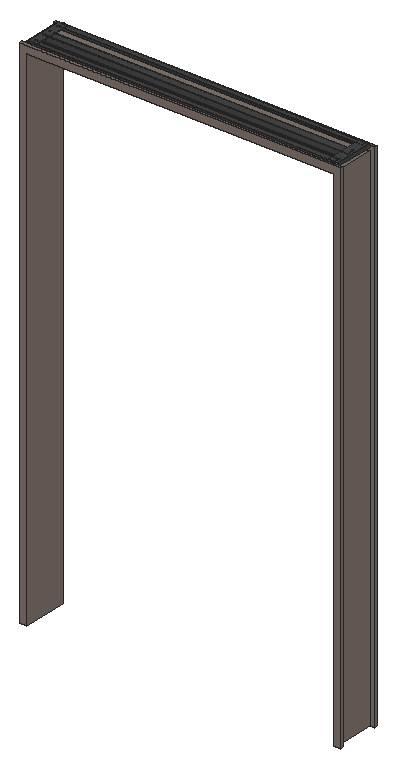
Revit family "Panel-Module-Teknion-LIGNA-Passthrough_Module-R2023", category Doors, Revit 2023
Family settings
  OmniClass Number = 23.30.10.00
  OmniClass Title = Doors
  Always vertical = Yes
  Cut with Voids When Loaded = No
  Shared = No
  Room Calculation Point = No
Parameters (values of type "Passthrough")
  Wood Frame Finish [instance] = Veneer - Teknion - ZP - Flintwood - Deep Walnut Flint
  Warranty = "http://www.teknion.com/legal/warranty.pdf"
  URL = "http://www.teknion.com/"
  Right Trim Height [instance] = if([(A) Height -1"], Height - 1.00", if([(C) Height +1"], Height + 1.00", Height))  # 136.00"
  Right Trim [instance] = no
  Right Side Module Height [instance] = if(Height = 96.00", "(A) Height -1\" is not available for the selected height", if(Height = 120.00", "(C) Height +1\" is not available for the selected height", "Select one of the Module Height options"))  # "Select one of the Module Height options"
  Right Metal Frame [instance] = no
  Product Line = "LIGNA - Passthrough"  # constant formula
  Model = "LNPTT + LNPHK + LNET + LNDVP"  # constant formula
  Metal Frame Finish [instance] = Paint - Teknion - Matte - Black
  Manufacturer Phone = "416-661-3370"  # constant formula
  Manufacturer Fax = "416.661.4586"  # constant formula
  Manufacturer Address = "1150 Flint Road, Toronto, ON. M3J 2J5. Canada"  # constant formula
  Manufacturer = "Teknion"  # constant formula
  Left Wood Trim [instance] = no
  Left Metal Frame [instance] = no
  Height [instance] = 136.00"
  Function = Interior
  Description = "LIGNA - Passthrough"  # constant formula
  Available Width [instance] = "Available From 36\"-84\" In 1/8\" Increments"  # constant formula
  Available Height [instance] = "Available From 96\"-120\" In 1\" Increments"  # constant formula
  (C) Height +1" [instance] = no
  (B) Height 0 [instance] = not(or([(A) Height -1"], [(C) Height +1"]))  # yes
  (A) Height -1" [instance] = no
Reference planes (in)
  plane 1 "Center (Front/Back)": y = 0
  plane 2: z = 0
  plane 3 "Center (Left/Right)": x = 0
  plane 4: x = -42
  plane 5: x = 42
  plane 6 "Top": z = 136
  plane 7: z = 0
Text (in)
  text "Exterior" at (-57.0632, 31.38743, 0), in view "Ref. Level"
Dimensions and locks (in)
  equal spacing: plane 4, plane 3 "Center (Left/Right)", plane 5
  locked: plane 5 to nested 2 at 1.04724
  locked: nested 3 to plane 4 at 1.02078
  locked: nested 4 to plane 6 "Top" at 0.5
  locked: nested 1 to plane 6 "Top" at 0.5
  locked: nested 5 to plane 4 at 0.01123
  locked: plane 5 to nested 5 at 0.00741
  "Height": plane 6 "Top" to plane 2
  locked: nested 6 to plane 5 at 1.257
  locked: plane 4 to nested 6 at 1.257
  locked: nested 6 to plane 6 "Top" at 0.5
  "Right Trim Height": plane 6 "Top" to plane 7
  aligned and locked: level to plane 2
  aligned and locked: plane 1 "Center (Front/Back)" to nested 1
  aligned and locked: nested 4 to plane 1 "Center (Front/Back)"
  aligned and locked: nested 3 to plane 1 "Center (Front/Back)"
  aligned and locked: plane 1 "Center (Front/Back)" to nested 2
  aligned and locked: nested 3 to plane 2
  aligned and locked: nested 4 to plane 2
  aligned and locked: nested 4 to plane 4
  aligned and locked: nested 1 to plane 5
  aligned and locked: plane 6 "Top" to nested 3
  aligned and locked: nested 2 to plane 6 "Top"
  aligned and locked: plane 7 to nested 2
  aligned and locked: plane 7 to nested 1
  aligned and locked: plane 1 "Center (Front/Back)" to nested 6
  aligned and locked: nested 5 to plane 6 "Top"
  aligned and locked: plane 2 to nested 5
  aligned and locked: plane 7 to nested 5
  aligned and locked: plane 1 "Center (Front/Back)" to nested 5
Nested families (in)
  nested 1: "Frame-Teknion-LNDVP-Double-Vertical-Post-R2023" at (37.82738, -4.85519, 0), Frame Finish <- "Metal Frame Finish", visible <- "Right Metal Frame", type "Double Vertical Post"
    with Height 136.50", Frame Finish Paint - Teknion - Matte - Black
  nested 2: "Frame-Teknion-LNET-End-Trims-R2023" at (-9.43142, -5.60181, 0), Frame Finish <- "Wood Frame Finish", visible <- "Right Trim", type "End Trims"
    with Width 1.81102", Height 136.00", Frame Finish Veneer - Teknion - ZP - Flintwood - Deep Walnut Flint
  nested 3: "Frame-Teknion-LNET-End-Trims-R2023" at (9.45789, -5.60181, 0) x (-1, 0, 0) z (0, 0, 1), Frame Finish <- "Wood Frame Finish", visible <- "Left Wood Trim", type "End Trims"
    with Width 1.81102", Height 136.00", Frame Finish Veneer - Teknion - ZP - Flintwood - Deep Walnut Flint
  nested 4: "Frame-Teknion-LNDVP-Double-Vertical-Post-R2023" at (-37.82738, -4.85519, 0) x (-1, 0, 0) z (0, 0, 1), Frame Finish <- "Metal Frame Finish", visible <- "Left Metal Frame", type "Double Vertical Post"
    with Height 136.50", Frame Finish Paint - Teknion - Matte - Black
  nested 5: "Frame-Teknion-LNPTT-Passthrough-Trims-R2023" at (6.35948, -5.60181, 0), Frame Finish <- "Wood Frame Finish", type "Passthrough Trims"
    with Width 84.01864", Height 2 136.00", Height 136.00", Frame Finish Veneer - Teknion - ZP - Flintwood - Deep Walnut Flint
  nested 6: "Frame-Teknion-LNPHK-Passthrough-Horizontals-Kit-R2023" at (-11.42256, -4.8213, 0), Frame Finish <- "Metal Frame Finish", type "Passthrough Horizontals Kit"
    with Width 81.486", Height 136.50", Frame Finish Paint - Teknion - Matte - Black
Definition of nested family "Frame-Teknion-LNDVP-Double-Vertical-Post-R2023"
  Parameters (values of type "Double Vertical Post")
    Width = 39.7461"
    URL = "http://www.teknion.com/"
    Type Comments = ""
    Thickness = 0.75"  # constant formula
    Nominal Gap = 0.125"
    Model = "LNDVP"  # constant formula
    Manufacturer = "Teknion"
    Height [instance] = 120.00"
    Frame Finish [instance] = none
    Description = "Double Vertical Post"  # constant formula
    Default Elevation = 48.00"
    Assembly Code = ""
  Reference planes (in)
    plane 1 "Center (Front/Back)": y = 4.85519
    plane 2: z = 0
    plane 3 "Center (Left/Right)": x = 4.17262
    plane 4: x = 5.42962
    plane 5: x = 2.91562
    plane 6: z = 120
    plane 7: y = 9.98019
    plane 8: y = -0.26981
    plane 9: z = 60
  Forms (in)
    Sweep 1, solid, material <- "Frame Finish"
      path origin (0, 4.85519, 0) x (1, 0, 0) y (0, 0, 1)
        loop
          line (4.17262, 117.75377) -> (4.17262, 2.25)
      profile origin (4.17262, 4.85519, 60.00188) x (0, -1, 0) y (1, 0, 0)
        loop
          line (-5, 0.5) -> (-5.125, 0.5) -> (-5.125, -0.5) -> (-5, -0.5) -> (-5, -1.032)
          arc (-5, -1.032) -> (-4.96778, -1.10978) -> (-4.89, -1.142) r 0.11
          line (-4.89, -1.142) -> (-4.00764, -1.142)
          arc (-4.00764, -1.142) -> (-3.92986, -1.10978) -> (-3.89764, -1.032) r 0.11
          line (-3.89764, -1.032) -> (-3.89764, 1.032)
          arc (-3.89764, 1.032) -> (-3.92986, 1.10978) -> (-4.00764, 1.142) r 0.11
          line (-4.00764, 1.142) -> (-4.89, 1.142)
          arc (-4.89, 1.142) -> (-4.96778, 1.10978) -> (-5, 1.032) r 0.11
          line (-5, 1.032) -> (-5, 0.5)
        loop
          line (5, 0.5) -> (5, 1.032)
          arc (5, 1.032) -> (4.96778, 1.10978) -> (4.89, 1.142) r 0.11
          line (4.89, 1.142) -> (4.00764, 1.142)
          arc (4.00764, 1.142) -> (3.92986, 1.10978) -> (3.89764, 1.032) r 0.11
          line (3.89764, 1.032) -> (3.89764, -1.032)
          arc (3.89764, -1.032) -> (3.92986, -1.10978) -> (4.00764, -1.142) r 0.11
          line (4.00764, -1.142) -> (4.89, -1.142)
          arc (4.89, -1.142) -> (4.96778, -1.10978) -> (5, -1.032) r 0.11
          line (5, -1.032) -> (5, -0.5) -> (5.125, -0.5) -> (5.125, 0.5) -> (5, 0.5)
    Sweep 2, solid, material <- "Frame Finish"
      path origin (0, 0, 0) x (1, 0, 0) y (0, 1, 0)
        loop
          line (4.17262, 8.75282) -> (4.17262, 0.95755)
      profile origin (4.17262, 4.85519, 0) x (1, 0, 0) y (0, 0, 1)
        loop
          arc (1.257, 117.69547) -> (1.23021, 117.76013) -> (1.16555, 117.78692) r 0.09145
          line (1.16555, 117.78692) -> (-1.16019, 117.78692)
          arc (-1.16019, 117.78692) -> (-1.22865, 117.75856) -> (-1.257, 117.69011) r 0.09681
          line (-1.257, 117.69011) -> (-1.257, 117.28692) -> (-1.1945, 117.28692) -> (-1.1945, 117.69143)
          arc (-1.1945, 117.69143) -> (-1.18484, 117.71476) -> (-1.16151, 117.72442) r 0.03299
          line (-1.16151, 117.72442) -> (1.15419, 117.72442)
          arc (1.15419, 117.72442) -> (1.18269, 117.71261) -> (1.1945, 117.68411) r 0.04031
          line (1.1945, 117.68411) -> (1.1945, 117.28692) -> (1.257, 117.28692) -> (1.257, 117.69547)
        loop
          arc (1.257, 75.68969) -> (1.22852, 75.75844) -> (1.15977, 75.78692) r 0.09723
          line (1.15977, 75.78692) -> (-1.14895, 75.78692)
          arc (-1.14895, 75.78692) -> (-1.22535, 75.75527) -> (-1.257, 75.67887) r 0.10805
          line (-1.257, 75.67887) -> (-1.257, 75.28692) -> (-1.1945, 75.28692) -> (-1.1945, 75.6925)
          arc (-1.1945, 75.6925) -> (-1.18515, 75.71507) -> (-1.16258, 75.72442) r 0.03192
          line (-1.16258, 75.72442) -> (1.15748, 75.72442)
          arc (1.15748, 75.72442) -> (1.18366, 75.71358) -> (1.1945, 75.68739) r 0.03702
          line (1.1945, 75.68739) -> (1.1945, 75.28692) -> (1.257, 75.28692) -> (1.257, 75.68969)
        loop
          arc (-1.257, 32.31751) -> (-1.2261, 32.2429) -> (-1.15149, 32.212) r 0.10551
          line (-1.15149, 32.212) -> (1.15355, 32.212)
          arc (1.15355, 32.212) -> (1.2267, 32.2423) -> (1.257, 32.31545) r 0.10345
          line (1.257, 32.31545) -> (1.257, 32.712) -> (1.1945, 32.712) -> (1.1945, 32.31225)
          arc (1.1945, 32.31225) -> (1.18344, 32.28556) -> (1.15675, 32.2745) r 0.03775
          line (1.15675, 32.2745) -> (-1.15275, 32.2745)
          arc (-1.15275, 32.2745) -> (-1.18227, 32.28673) -> (-1.1945, 32.31625) r 0.04175
          line (-1.1945, 32.31625) -> (-1.1945, 32.712) -> (-1.257, 32.712) -> (-1.257, 32.31751)
        loop
          line (1.257, 2.712) -> (1.1945, 2.712) -> (1.1945, 2.31073)
          arc (1.1945, 2.31073) -> (1.18389, 2.28511) -> (1.15827, 2.2745) r 0.03623
          line (1.15827, 2.2745) -> (-1.16286, 2.2745)
          arc (-1.16286, 2.2745) -> (-1.18523, 2.28377) -> (-1.1945, 2.30614) r 0.03164
          line (-1.1945, 2.30614) -> (-1.1945, 2.712) -> (-1.257, 2.712) -> (-1.257, 2.3177)
          arc (-1.257, 2.3177) -> (-1.22604, 2.24296) -> (-1.1513, 2.212) r 0.1057
          line (-1.1513, 2.212) -> (1.15263, 2.212)
          arc (1.15263, 2.212) -> (1.22643, 2.24257) -> (1.257, 2.31637) r 0.10437
          line (1.257, 2.31637) -> (1.257, 2.712)
    Sweep 3, solid, material <- "Frame Finish"
      path origin (0, 0, 0) x (1, 0, 0) y (0, 1, 0)
        loop
          line (4.17262, 9.98019) -> (4.17262, -0.26981)
      profile origin (4.17262, 4.85519, 0) x (1, 0, 0) y (0, 0, 1)
        loop
          line (1.0785, 0.048) -> (-1.0785, 0.048) -> (-1.0785, 0.873) -> (-1.1265, 0.873) -> (-1.1265, 0.08895)
          arc (-1.1265, 0.08895) -> (-1.10045, 0.02605) -> (-1.03755, 0) r 0.08895
          line (-1.03755, 0) -> (1.04059, 0)
          arc (1.04059, 0) -> (1.10134, 0.02516) -> (1.1265, 0.08591) r 0.08591
          line (1.1265, 0.08591) -> (1.1265, 0.873) -> (1.0785, 0.873) -> (1.0785, 0.048)
        loop
          line (-0.49978, 0.2446) -> (-0.93558, 0.2446) -> (-0.93558, 0.625) -> (-1.05518, 0.625) -> (-1.05518, 0.125) -> (-0.38018, 0.125) -> (-0.38018, 0.77) -> (0.37982, 0.77) -> (0.37982, 0.125) -> (1.05482, 0.125) -> (1.05482, 0.625) -> (0.93522, 0.625) -> (0.93522, 0.2446) -> (0.49942, 0.2446) -> (0.49942, 0.71937)
          arc (0.49942, 0.71937) -> (0.44956, 0.83974) -> (0.32919, 0.8896) r 0.17023
          line (0.32919, 0.8896) -> (-0.33229, 0.8896)
          arc (-0.33229, 0.8896) -> (-0.45072, 0.84055) -> (-0.49978, 0.72212) r 0.16748
          line (-0.49978, 0.72212) -> (-0.49978, 0.2446)
        loop
          line (-0.93558, 119.375) -> (-0.93558, 119.7554) -> (-0.49978, 119.7554) -> (-0.49978, 119.29798)
          arc (-0.49978, 119.29798) -> (-0.44483, 119.16534) -> (-0.31219, 119.1104) r 0.18758
          line (-0.31219, 119.1104) -> (0.31735, 119.1104)
          arc (0.31735, 119.1104) -> (0.4461, 119.16373) -> (0.49942, 119.29248) r 0.18208
          line (0.49942, 119.29248) -> (0.49942, 119.7554) -> (0.93522, 119.7554) -> (0.93522, 119.375) -> (1.05482, 119.375) -> (1.05482, 119.875) -> (0.37982, 119.875) -> (0.37982, 119.23) -> (-0.38018, 119.23) -> (-0.38018, 119.875) -> (-1.05518, 119.875) -> (-1.05518, 119.375) -> (-0.93558, 119.375)
        loop
          line (1.0785, 119.952) -> (1.0785, 119.127) -> (1.1265, 119.127) -> (1.1265, 119.91291)
          arc (1.1265, 119.91291) -> (1.10099, 119.97449) -> (1.03941, 120) r 0.08709
          line (1.03941, 120) -> (-1.0452, 120)
          arc (-1.0452, 120) -> (-1.10269, 119.97619) -> (-1.1265, 119.9187) r 0.0813
          line (-1.1265, 119.9187) -> (-1.1265, 119.127) -> (-1.0785, 119.127) -> (-1.0785, 119.952) -> (1.0785, 119.952)
    Sweep 4, solid, material <- "Frame Finish"
      path origin (0, 4.85519, 0) x (1, 0, 0) y (0, 0, 1)
        loop
          line (4.17262, 119.1104) -> (4.17262, 0.8896)
      profile origin (4.17262, 4.85519, 60) x (0, -1, 0) y (1, 0, 0)
        loop
          circle (4.48459, 0) r 0.37982
        loop
          circle (-4.48459, 0) r 0.37982
  Dimensions and locks (in)
    equal spacing: plane 5, plane 3 "Center (Left/Right)", plane 4
    locked: plane 5 to plane 4 at 2.514
    "Height": plane 6 to plane 2
    equal spacing: plane 6, plane 9, plane 2
    equal spacing: plane 8, plane 1 "Center (Front/Back)", plane 7
    locked: plane 8 to plane 7 at 10.25
    locked: Sweep 1 sketch curve to plane 2 at 2.25
    locked: plane 6 to Sweep 1 sketch curve at 2.24623
    Sweep 1 sketch curve to Sweep 1 sketch curve to Sweep 1 sketch curve to Sweep 1 sketch curve to Sweep 1 sketch curve to Sweep 1 sketch curve to Sweep 1 sketch curve to Sweep 1 sketch curve to plane 1 "Center (Front/Back)" = 0.125" locked, 0.00" locked, 0.11" locked, 0.00" locked, 0.88236" locked, 0.00" locked, 0.11" locked, 3.89764" locked
    plane 1 "Center (Front/Back)" to Sweep 1 sketch curve to Sweep 1 sketch curve to Sweep 1 sketch curve to Sweep 1 sketch curve to Sweep 1 sketch curve to Sweep 1 sketch curve to Sweep 1 sketch curve to Sweep 1 sketch curve = 3.89764" locked, 0.11" locked, 0.00" locked, 0.88236" locked, 0.00" locked, 0.11" locked, 0.00" locked, 0.125" locked
    Sweep 1 sketch curve to Sweep 1 sketch curve to Sweep 1 sketch curve to Sweep 1 sketch curve to plane 3 "Center (Left/Right)" to Sweep 1 sketch curve to Sweep 1 sketch curve to Sweep 1 sketch curve to Sweep 1 sketch curve = 0.11" locked, 0.00" locked, 0.532" locked, 0.50" locked, 0.50" locked, 0.532" locked, 0.00" locked, 0.11" locked  (x2)
    Sweep 2 sketch curve to plane 1 "Center (Front/Back)" to Sweep 2 sketch curve = 3.89764" locked, 3.89764" locked
    Sweep 2 sketch curve to Sweep 2 sketch curve to Sweep 2 sketch curve to Sweep 2 sketch curve to plane 3 "Center (Left/Right)" to Sweep 2 sketch curve to Sweep 2 sketch curve to Sweep 2 sketch curve to Sweep 2 sketch curve = 0.0625" locked, 0.02895" locked, 0.01135" locked, 1.15419" locked, 1.16019" locked, 0.00132" locked, 0.03299" locked, 0.0625" locked
    plane 6 to Sweep 2 sketch curve to Sweep 2 sketch curve to Sweep 2 sketch curve to Sweep 2 sketch curve = 2.21308" locked, 0.0625" locked, 0.4375" locked, 0.00" locked
    plane 6 to Sweep 2 sketch curve to Sweep 2 sketch curve = 2.30857" locked, 0.00132" locked
    Sweep 2 sketch curve to Sweep 2 sketch curve to Sweep 2 sketch curve to Sweep 2 sketch curve to plane 3 "Center (Left/Right)" to Sweep 2 sketch curve to Sweep 2 sketch curve to Sweep 2 sketch curve to Sweep 2 sketch curve = 0.0625" locked, 0.03473" locked, 0.0023" locked, 1.15748" locked, 1.14895" locked, 0.01364" locked, 0.03192" locked, 0.0625" locked
    Sweep 2 sketch curve to Sweep 2 sketch curve to Sweep 2 sketch curve to Sweep 2 sketch curve to plane 3 "Center (Left/Right)" to Sweep 2 sketch curve to Sweep 2 sketch curve to Sweep 2 sketch curve to Sweep 2 sketch curve = 0.0625" locked, 0.03775" locked, 0.0032" locked, 1.15355" locked, 1.15149" locked, 0.00126" locked, 0.04175" locked, 0.0625" locked
    Sweep 2 sketch curve to Sweep 2 sketch curve to Sweep 2 sketch curve to Sweep 2 sketch curve to plane 3 "Center (Left/Right)" to Sweep 2 sketch curve to Sweep 2 sketch curve to Sweep 2 sketch curve to Sweep 2 sketch curve = 0.0625" locked, 0.03623" locked, 0.00564" locked, 1.15263" locked, 1.1513" locked, 0.01156" locked, 0.03164" locked, 0.0625" locked
    Sweep 2 sketch curve to Sweep 2 sketch curve to Sweep 2 sketch curve to Sweep 2 sketch curve to Sweep 2 sketch curve to Sweep 2 sketch curve to Sweep 2 sketch curve to Sweep 2 sketch curve to Sweep 2 sketch curve to Sweep 2 sketch curve to Sweep 2 sketch curve to Sweep 2 sketch curve to plane 2 = 0.0625" locked, 0.4375" locked, 0.00" locked, 42.57492" locked, 0.00" locked, 0.4375" locked, 0.0625" locked, 29.50" locked, 0.00" locked, 0.4375" locked, 0.0625" locked, 2.212" locked
    Sweep 3 sketch curve to Sweep 3 sketch curve = 0.873"
    plane 6 to Sweep 3 sketch curve to Sweep 3 sketch curve to Sweep 3 sketch curve to Sweep 3 sketch curve to Sweep 3 sketch curve to Sweep 3 sketch curve to Sweep 3 sketch curve to Sweep 3 sketch curve to Sweep 3 sketch curve to Sweep 3 sketch curve to Sweep 3 sketch curve to Sweep 3 sketch curve to Sweep 3 sketch curve to Sweep 3 sketch curve to Sweep 3 sketch curve to Sweep 3 sketch curve = 0.00" locked, 0.048" locked, 0.0333" locked, 0.00579" locked, 0.03791" locked, 0.00" locked, 0.1196" locked, 0.00" locked, 0.3804" locked, 0.00" locked, 0.07702" locked, 0.0055" locked, 0.06248" locked, 0.103" locked, 0.00" locked, 0.0166" locked
    Sweep 3 sketch curve to Sweep 3 sketch curve to Sweep 3 sketch curve to Sweep 3 sketch curve to Sweep 3 sketch curve to Sweep 3 sketch curve to plane 3 "Center (Left/Right)" to Sweep 3 sketch curve to Sweep 3 sketch curve to Sweep 3 sketch curve to Sweep 3 sketch curve to Sweep 3 sketch curve to Sweep 3 sketch curve = 0.048" locked, 0.02368" locked, 0.1196" locked, 0.4358" locked, 0.1196" locked, 0.37982" locked, 0.38018" locked, 0.1196" locked, 0.4358" locked, 0.1196" locked, 0.02332" locked, 0.048" locked  (x2)
    Sweep 3 sketch curve to Sweep 3 sketch curve to Sweep 3 sketch curve to Sweep 3 sketch curve to Sweep 3 sketch curve to Sweep 3 sketch curve to Sweep 3 sketch curve to Sweep 3 sketch curve to Sweep 3 sketch curve to Sweep 3 sketch curve to Sweep 3 sketch curve to Sweep 3 sketch curve to Sweep 3 sketch curve to Sweep 3 sketch curve to Sweep 3 sketch curve to plane 2 to Sweep 3 sketch curve = 0.0166" locked, 0.00" locked, 0.103" locked, 0.04788" locked, 0.00275" locked, 0.09437" locked, 0.00" locked, 0.3804" locked, 0.00" locked, 0.1196" locked, 0.00" locked, 0.03605" locked, 0.00304" locked, 0.03791" locked, 0.048" locked, 0.00" locked
    locked: Sweep 4 sketch curve to plane 2 at 0.8896
    locked: plane 6 to Sweep 4 sketch curve at 0.8896
    Sweep 4 sketch curve to plane 1 "Center (Front/Back)" to Sweep 4 sketch curve = 4.48459" locked, 4.48459" locked
    plane 3 "Center (Left/Right)" to Sweep 4 sketch curve to Sweep 4 sketch curve = 0.00" locked, 0.00" locked
    aligned and locked: level to plane 2
    aligned and locked: Sweep 1 sketch curve to plane 3 "Center (Left/Right)"
    aligned and locked: Sweep 2 sketch curve to plane 3 "Center (Left/Right)"
    aligned and locked: Sweep 3 sketch curve to plane 3 "Center (Left/Right)"
    aligned and locked: plane 8 to Sweep 3 sketch curve
    aligned and locked: plane 7 to Sweep 3 sketch curve
    aligned and locked: Sweep 4 sketch curve to plane 3 "Center (Left/Right)"
  Automatic sketch dimensions
    radius of Sweep 4 sketch curve = 0.37982"  (x2)
Definition of nested family "Frame-Teknion-LNET-End-Trims-R2023"
  Parameters (values of type "End Trims")
    Width [instance] = 1.81102"
    URL = "http://www.teknion.com/"
    Type Comments = ""
    Thickness = 0.75"  # constant formula
    Nominal Gap = 0.125"
    Model = "LNET"  # constant formula
    Manufacturer = "Teknion"
    Height [instance] = 118.898"
    Frame Finish [instance] = none
    Description = "End Trims"  # constant formula
    Default Elevation = 48.00"
    Assembly Code = ""
  Reference planes (in)
    plane 1 "Center (Front/Back)": y = 5.60181
    plane 2: z = 0
    plane 3 "Center (Left/Right)": x = 52.47867
    plane 4: x = 53.38418
    plane 5: x = 51.57315
    plane 6: z = 118.898
    plane 7: y = 11.50732
    plane 8: y = -0.3037
    plane 9: z = 59.449
  Forms (in)
    Sweep 1, solid, material <- "Frame Finish"
      path origin (0, 5.60181, 0) x (1, 0, 0) y (0, 0, 1)
        loop
          line (52.47867, 118.898) -> (52.47867, 0)
      profile origin (52.47867, 5.60181, 59.449) x (0, -1, 0) y (1, 0, 0)
        loop
          line (-5.25591, -0.90551) -> (-5.25591, 0.23622) -> (5.25591, 0.23622) -> (5.25591, -0.90551) -> (5.90551, -0.90551) -> (5.90551, 0.90551) -> (-5.90551, 0.90551) -> (-5.90551, -0.90551) -> (-5.25591, -0.90551)
  Dimensions and locks (in)
    equal spacing: plane 5, plane 3 "Center (Left/Right)", plane 4
    "Width": plane 5 to plane 4
    "Height": plane 6 to plane 2
    equal spacing: plane 6, plane 9, plane 2
    equal spacing: plane 8, plane 1 "Center (Front/Back)", plane 7
    locked: plane 8 to plane 7 at 11.81102
    locked: plane 8 to Sweep 1 sketch curve at 0.64961
    locked: Sweep 1 sketch curve to plane 7 at 0.64961
    Sweep 1 sketch curve to Sweep 1 sketch curve to plane 3 "Center (Left/Right)" to Sweep 1 sketch curve to Sweep 1 sketch curve = 0.00" locked, 0.90551" locked, 0.23622" locked, 0.66929" locked
    aligned and locked: level to plane 2
    aligned and locked: Sweep 1 sketch curve to plane 3 "Center (Left/Right)"
    aligned and locked: plane 2 to Sweep 1 sketch curve
    aligned and locked: plane 6 to Sweep 1 sketch curve
    aligned and locked: plane 8 to Sweep 1 sketch curve
    aligned and locked: Sweep 1 sketch curve to plane 7
Definition of nested family "Frame-Teknion-LNPTT-Passthrough-Trims-R2023"
  Parameters (values of type "Passthrough Trims")
    Width [instance] = 84.00"
    URL = "http://www.teknion.com/"
    Type Comments = ""
    Thickness = 0.75"  # constant formula
    Nominal Gap = 0.125"
    Model = "LNPTT"  # constant formula
    Manufacturer = "Teknion"
    Height 2 [instance] = 119.00"
    Height [instance] = 119.00"
    Frame Finish [instance] = none
    Description = "Passthrough Trims"  # constant formula
    Default Elevation = 48.00"
    Assembly Code = ""
  Reference planes (in)
    plane 1 "Center (Front/Back)": y = 5.60181
    plane 2: z = 0
    plane 3 "Center (Left/Right)": x = -6.36139
    plane 4: x = 35.63861
    plane 5: x = -48.36139
    plane 6: z = 119
    plane 7: y = 11.50732
    plane 8: y = -0.3037
    plane 9: z = 59.5
    plane 10: z = 0
  Forms (in)
    Sweep 1, solid, material <- "Frame Finish"
      path origin (0, 5.60181, 0) x (1, 0, 0) y (0, 0, 1)
        loop
          line (33.94108, 0) -> (33.94108, 117.18876) -> (-46.66387, 117.18876) -> (-46.66387, 0)
      profile origin (-46.66387, 5.60181, 58.59438) x (0, -1, 0) y (1, 0, 0)
        loop
          line (-5.25591, -0.42929) -> (5.25591, -0.42929) -> (5.25591, -1.81102) -> (5.90551, -1.81102) -> (5.90551, 0.24) -> (-5.90551, 0.24) -> (-5.90551, -1.81102) -> (-5.25591, -1.81102) -> (-5.25591, -0.42929)
    Sweep 2, void
      path origin (0, 5.60181, 0) x (1, 0, 0) y (0, 0, 1)
        loop
          line (-6.36139, 134.95034) -> (-6.36139, -15.04966)
      profile origin (-6.36139, 5.60181, 59.95034) x (0, -1, 0) y (1, 0, 0)
        loop
          line (-7.72658, -41.9) -> (-7.72658, -43.25) -> (7.27342, -43.25) -> (7.27342, -41.9) -> (-7.72658, -41.9)
        loop
          line (-7.26381, 41.9) -> (7.23619, 41.9) -> (7.23619, 43.75) -> (-7.26381, 43.75) -> (-7.26381, 41.9)
  Cuts and joins
    Sweep 2 cuts Sweep 1
  Dimensions and locks (in)
    equal spacing: plane 5, plane 3 "Center (Left/Right)", plane 4
    "Width": plane 5 to plane 4
    "Height": plane 6 to plane 2
    equal spacing: plane 6, plane 9, plane 2
    equal spacing: plane 8, plane 1 "Center (Front/Back)", plane 7
    locked: plane 8 to plane 7 at 11.81102
    locked: plane 4 to Sweep 1 sketch curve at 1.69752
    locked: plane 6 to Sweep 1 sketch curve at 1.81124
    locked: Sweep 1 sketch curve to plane 5 at 1.69752
    Sweep 1 sketch curve to Sweep 1 sketch curve to plane 5 to Sweep 1 sketch curve to Sweep 1 sketch curve = 0.00" locked, 0.1135" locked, 1.26823" locked, 0.66929" locked
    Sweep 1 sketch curve to Sweep 1 sketch curve to plane 1 "Center (Front/Back)" to Sweep 1 sketch curve to Sweep 1 sketch curve = 0.64961" locked, 5.25591" locked, 5.25591" locked, 0.64961" locked
    locked: Sweep 2 sketch curve to plane 6 at 15.95034
    locked: plane 2 to Sweep 2 sketch curve at 15.04966
    Sweep 2 sketch curve to plane 5 to Sweep 2 sketch curve = 1.25" locked, 0.10" locked
    Sweep 2 sketch curve to plane 1 "Center (Front/Back)" to Sweep 2 sketch curve = 7.27342" locked, 7.72658" locked
    Sweep 2 sketch curve to plane 1 "Center (Front/Back)" to Sweep 2 sketch curve = 7.23619" locked, 7.26381" locked
    Sweep 2 sketch curve to plane 4 to Sweep 2 sketch curve = 0.10" locked, 1.75" locked
    "Height 2": plane 6 to plane 10
    aligned and locked: level to plane 2
    aligned and locked: Sweep 2 sketch curve to plane 3 "Center (Left/Right)"
    aligned and locked: plane 2 to Sweep 1 sketch curve
    aligned and locked: plane 10 to Sweep 1 sketch curve
Definition of nested family "Frame-Teknion-LNPHK-Passthrough-Horizontals-Kit-R2023"
  Parameters (values of type "Passthrough Horizontals Kit")
    Width [instance] = 39.7461"
    URL = "http://www.teknion.com/"
    Type Comments = ""
    Thickness = 0.75"  # constant formula
    Nominal Gap = 0.125"
    Model = "LNPHK"  # constant formula
    Manufacturer = "Teknion"
    Height [instance] = 1.7977"
    Frame Finish [instance] = none
    Description = "Passthrough Horizontals Kit"  # constant formula
    Default Elevation = 48.00"
    Assembly Code = ""
  Reference planes (in)
    plane 1 "Center (Front/Back)": y = 4.8213
    plane 2: z = 0
    plane 3 "Center (Left/Right)": x = 11.42256
    plane 4: x = 31.29561
    plane 5: x = -8.45049
    plane 6: z = 1.7977
    plane 7: y = 9.9463
    plane 8: y = -0.3037
    plane 9: z = 0.89885
  Forms (in)
    Sweep 1, solid, material <- "Frame Finish"
      path origin (0, 0, 0) x (1, 0, 0) y (0, 1, 0)
        loop
          line (11.42256, 9.86067) -> (11.42256, -0.21807)
      profile origin (11.42256, 4.8213, 0) x (1, 0, 0) y (0, 0, 1)
        loop
          line (-19.81055, 0.9227) -> (-19.81055, 1.69288)
          arc (-19.81055, 1.69288) -> (-19.79815, 1.7228) -> (-19.76823, 1.7352) r 0.04232
          line (-19.76823, 1.7352) -> (-17.31055, 1.7352) -> (-17.31055, 1.7977) -> (-19.77044, 1.7977)
          arc (-19.77044, 1.7977) -> (-19.84299, 1.76765) -> (-19.87305, 1.69509) r 0.10261
          line (-19.87305, 1.69509) -> (-19.87305, 0.9227) -> (-19.81055, 0.9227)
        loop
          line (17.31055, 1.7352) -> (19.78057, 1.7352)
          arc (19.78057, 1.7352) -> (19.80177, 1.72642) -> (19.81055, 1.70522) r 0.02998
          line (19.81055, 1.70522) -> (19.81055, 0.9227) -> (19.87305, 0.9227) -> (19.87305, 1.70919)
          arc (19.87305, 1.70919) -> (19.84712, 1.77178) -> (19.78454, 1.7977) r 0.08851
          line (19.78454, 1.7977) -> (17.31055, 1.7977) -> (17.31055, 1.7352)
    Sweep 2, solid, material <- "Frame Finish"
      path origin (0, 0, 0) x (1, 0, 0) y (0, 1, 0)
        loop
          line (-7.51344, 4.8213) -> (30.35856, 4.8213)
      profile origin (11.42256, 4.8213, 0) x (0, 1, 0) y (0, 0, 1)
        loop
          line (5.077, 0.91517) -> (5.125, 0.91517) -> (5.125, 1.65383)
          arc (5.125, 1.65383) -> (5.10044, 1.71314) -> (5.04113, 1.7377) r 0.08387
          line (5.04113, 1.7377) -> (3.72715, 1.7377)
          arc (3.72715, 1.7377) -> (3.66553, 1.71217) -> (3.64, 1.65055) r 0.08715
          line (3.64, 1.65055) -> (3.64, 1.2377) -> (3.688, 1.2377) -> (3.688, 1.65697)
          arc (3.688, 1.65697) -> (3.69759, 1.68011) -> (3.72073, 1.6897) r 0.03273
          line (3.72073, 1.6897) -> (5.03583, 1.6897)
          arc (5.03583, 1.6897) -> (5.06494, 1.67764) -> (5.077, 1.64853) r 0.04117
          line (5.077, 1.64853) -> (5.077, 0.91517)
        loop
          line (-3.688, 1.64966) -> (-3.688, 1.2377) -> (-3.64, 1.2377) -> (-3.64, 1.65168)
          arc (-3.64, 1.65168) -> (-3.66519, 1.71251) -> (-3.72602, 1.7377) r 0.08602
          line (-3.72602, 1.7377) -> (-5.04277, 1.7377)
          arc (-5.04277, 1.7377) -> (-5.10091, 1.71361) -> (-5.125, 1.65547) r 0.08223
          line (-5.125, 1.65547) -> (-5.125, 0.91517) -> (-5.077, 0.91517) -> (-5.077, 1.65518)
          arc (-5.077, 1.65518) -> (-5.06689, 1.67959) -> (-5.04248, 1.6897) r 0.03452
          line (-5.04248, 1.6897) -> (-3.72804, 1.6897)
          arc (-3.72804, 1.6897) -> (-3.69973, 1.67797) -> (-3.688, 1.64966) r 0.04004
        loop
          arc (1.0798, 1.69903) -> (1.0509, 1.7688) -> (0.98113, 1.7977) r 0.09867
          line (0.98113, 1.7977) -> (-0.98373, 1.7977)
          arc (-0.98373, 1.7977) -> (-1.05166, 1.76956) -> (-1.0798, 1.70163) r 0.09607
          line (-1.0798, 1.70163) -> (-1.0798, 0.28023)
          arc (-1.0798, 0.28023) -> (-1.0196, 0.1349) -> (-0.87427, 0.0747) r 0.20553
          line (-0.87427, 0.0747) -> (0.92581, 0.0747)
          arc (0.92581, 0.0747) -> (1.0347, 0.1198) -> (1.0798, 0.22869) r 0.15399
          line (1.0798, 0.22869) -> (1.0798, 1.69903)
  Dimensions and locks (in)
    equal spacing: plane 5, plane 3 "Center (Left/Right)", plane 4
    "Width": plane 5 to plane 4
    "Height": plane 6 to plane 2
    equal spacing: plane 6, plane 9, plane 2
    equal spacing: plane 8, plane 1 "Center (Front/Back)", plane 7
    locked: plane 8 to plane 7 at 10.25
    locked: Sweep 1 sketch curve to plane 7 at 0.08563
    locked: plane 8 to Sweep 1 sketch curve at 0.08563
    Sweep 1 sketch curve to Sweep 1 sketch curve to Sweep 1 sketch curve to Sweep 1 sketch curve to plane 5 to Sweep 1 sketch curve = 2.45768" locked, 0.00221" locked, 0.04011" locked, 0.0625" locked, 0.00" locked
    plane 6 to Sweep 1 sketch curve to Sweep 1 sketch curve to Sweep 1 sketch curve to Sweep 1 sketch curve to Sweep 1 sketch curve = 0.00" locked, 0.0625" locked, 0.04011" locked, 0.00221" locked, 0.77018" locked
    plane 4 to Sweep 1 sketch curve to Sweep 1 sketch curve to Sweep 1 sketch curve to Sweep 1 sketch curve to Sweep 1 sketch curve = 0.00" locked, 0.0625" locked, 0.02601" locked, 0.00397" locked, 2.47002" locked
    plane 6 to Sweep 1 sketch curve to Sweep 1 sketch curve to Sweep 1 sketch curve to Sweep 1 sketch curve to Sweep 1 sketch curve = 0.00" locked, 0.0625" locked, 0.02601" locked, 0.00397" locked, 0.78252" locked
    locked: plane 5 to Sweep 2 sketch curve at 0.93705
    locked: Sweep 2 sketch curve to plane 4 at 0.93705
    plane 7 to Sweep 2 sketch curve to Sweep 2 sketch curve to Sweep 2 sketch curve to Sweep 2 sketch curve to Sweep 2 sketch curve to Sweep 2 sketch curve to Sweep 2 sketch curve to Sweep 2 sketch curve = 0.00" locked, 0.048" locked, 0.03587" locked, 0.0053" locked, 1.30868" locked, 0.00642" locked, 0.03273" locked, 0.048" locked
    plane 6 to Sweep 2 sketch curve to Sweep 2 sketch curve to Sweep 2 sketch curve to Sweep 2 sketch curve to Sweep 2 sketch curve to Sweep 2 sketch curve to Sweep 2 sketch curve to Sweep 2 sketch curve = 0.06" locked, 0.048" locked, 0.03273" locked, 0.00314" locked, 0.00328" locked, 0.00202" locked, 0.41083" locked, 0.32253" locked
    Sweep 2 sketch curve to Sweep 2 sketch curve to Sweep 2 sketch curve to plane 1 "Center (Front/Back)" to Sweep 2 sketch curve to Sweep 2 sketch curve to Sweep 2 sketch curve = 0.09867" locked, 0.05532" locked, 0.92581" locked, 0.87427" locked, 0.10946" locked, 0.09607" locked
    plane 6 to Sweep 2 sketch curve to Sweep 2 sketch curve to Sweep 2 sketch curve to Sweep 2 sketch curve to Sweep 2 sketch curve to Sweep 2 sketch curve to Sweep 2 sketch curve to Sweep 2 sketch curve = 0.06" locked, 0.048" locked, 0.03423" locked, 0.00029" locked, 0.00349" locked, 0.00202" locked, 0.41196" locked, 0.32253" locked
    Sweep 2 sketch curve to Sweep 2 sketch curve to Sweep 2 sketch curve to plane 8 to Sweep 2 sketch curve = 0.048" locked, 1.389" locked, 0.048" locked, 0.00" locked
    plane 6 to Sweep 2 sketch curve to Sweep 2 sketch curve = 0.00" locked, 1.723" locked
    aligned and locked: level to plane 2
    aligned and locked: Sweep 1 sketch curve to plane 3 "Center (Left/Right)"
    aligned and locked: plane 1 "Center (Front/Back)" to Sweep 2 sketch curve
